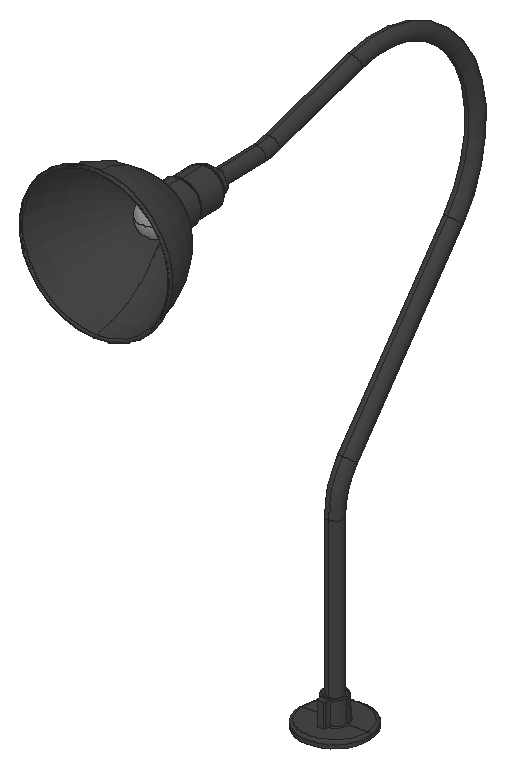
Revit family "BLE-G-DBW-G2-E26", category Lighting Fixtures, host Face, Revit 2022
Family settings
  Host = Face
  Round Connector Dimension = Use Diameter
  Part Type = Normal
  Cut with Voids When Loaded = No
  Light Source = Yes
  Maintain Annotation Orientation = No
  Shared = No
  Room Calculation Point = No
Parameters (values of type "10"")
  Wattage = 5.72229 W
  built-in parameter 1150110 = 1 (stored number, unit not read)
  built-in parameter 1114217 = 1 (stored number, unit not read)
  Tilt Angle = 0.00°
  built-in parameter 1150109 = 1 (stored number, unit not read)
  built-in parameter 1150134 = (empty or 0)
  built-in parameter 1150113 = 1 (stored number, unit not read)
  Gooseneck Material = 100 - Black
  Shade Material = 100 - Black
  Photometric Web File = "generic"
  built-in parameter 1150142 = (empty or 0)
  built-in parameter 1150105 = 67.641 (stored number, unit not read)
  Lumens = 850 lm
  built-in parameter 1150115 = 1 (stored number, unit not read)
  built-in parameter 1150137 = (empty or 0)
  built-in parameter 1150139 = (empty or 0)
  built-in parameter 1150112 = 1 (stored number, unit not read)
  built-in parameter 1150114 = 1 (stored number, unit not read)
  built-in parameter 1150132 = 2
  built-in parameter 1150102 = (empty or 0)
  built-in parameter 1150107 = 3000 (stored number, unit not read)
  built-in parameter 1150138 = (empty or 0)
  built-in parameter 1150106 = 0.67641 (stored number, unit not read)
  24" = no
  built-in parameter 1150104 = 13.8 (stored number, unit not read)
  20" = no
  Dimming Lamp Color Temperature Shift = <None>
  Default Elevation = 4' - 0"
  Color Filter = 16777215
  Base Material = 100 - Black
  built-in parameter 1114218 = 1 (stored number, unit not read)
  built-in parameter 1150133 = 10 (stored number, unit not read)
  16" = no
  14" = no
  12" = no
  10" = yes
Types (7): name | 24" | 20" | 16" | 14" | 12" | 10"
  (no name) | no | no | no | no | no | yes
  12" | no | no | no | no | yes | no
  14" | no | no | no | yes | no | no
  16" | no | no | yes | no | no | no
  10" | no | no | no | no | no | yes
  20" | no | yes | no | no | no | no
  24" | yes | no | no | no | no | no
Reference planes (in)
  plane 1 "Center (Front/Back)": y = 0
  plane 2: z = 0
  plane 3 "Center (Left/Right)": x = 0
Lines and regions (in)
  reference lines
    curve 1: line (0, 32, 0) -> (0, -36, 0)
    curve 2: line (-33.11947, 0, 0) -> (37.88053, 0, 0)
Dimensions and locks (in)
  locked: plane 1 "Center (Front/Back)" to imposter light at 14.75
  aligned and locked: plane 2 to host face
  aligned and locked: level to host face
  aligned and locked: plane 3 "Center (Left/Right)" to nested 1
  aligned and locked: plane 1 "Center (Front/Back)" to nested 1
  aligned and locked: nested 4 to imposter light
  aligned and locked: imposter light to nested 6  (x2)
  aligned and locked: nested 7 to nested 3
  aligned and locked: imposter light to plane 3 "Center (Left/Right)"
  aligned and locked: plane 1 "Center (Front/Back)" to nested 2
  aligned and locked: imposter light to nested 7
  aligned and locked: nested 3 to plane 3 "Center (Left/Right)"
  aligned and locked: nested 3 to nested 5
  aligned and locked: imposter light to nested 2
Nested families (in)
  nested 1: "WBP-7501" at (0, 0, 0), type "WBP-7501"
  nested 2: "G2" at (0, 0, 1.975), type "GNK-5011"
  nested 3: "DBW Shade" at (0, -10.6684, 36.53884) x (0, 0, -1) z (0, -1, 0), type "VDBW Shade"
    with 24" no, 20" no, 16" no, 14" no, 12" no
  nested 4: "103264" at (0, -3.60156, 36.53884) x (0, 0, -1) z (0, -1, 0), type "103264"
    with Heat Sink 9" no
  nested 5: "CPL-0004" at (0, -10.01822, 36.53884) x (1, 0, 0) z (0, -1, 0), type "CPL-0004"
  nested 6: "E26 Socket Assy" at (0, -10.70746, 36.53884) x (0, 0, -1) z (0, -1, 0), type "E26 Socket Assy"
  nested 7: "E26 Bulb" at (0, -12.96244, 36.53884) x (1, 0, 0) z (0, -1, 0), type "E26 Bulb"
Connectors (in)
  electrical at (0, 0, 0)
    settings: index 1, voltage 0 V, apparent load 0 VA, apparent load phase1 0 VA, apparent load phase2 0 VA, apparent load phase3 0 VA, power factor 1, load classification "Other", number of poles 1, system type 31, power factor state 1, is connector primary yes, connector utility no, sub classification motor no, connector description ""
Definition of nested family "WBP-7501"
  Parameters (values of type "WBP-7501")
    Default Elevation = 3' - 0"
    Base Material = none
  Reference planes (in)
    plane 1 "Center (Front/Back)": y = 0
    plane 2: z = 0
    plane 3 "Center (Left/Right)": x = 0
    plane 4 "Base Dia": x = -2.325
    plane 5 "Base Height": z = 0.4
    plane 6 "Fillet Radius": z = 0.225
    plane 7: z = 0.458
    plane 8: x = -0.87
    plane 9: x = -0.81
    plane 10: x = -0.76
    plane 11: z = 1.917
    plane 12: z = 1.975
    plane 13: x = -0.7
    plane 14: x = -0.2595
    plane 15: x = 0.2595
    plane 16: y = -1.135
  Forms (in)
    Extrusion 1, solid
      sketch origin (0, 0, 0) x (1, 0, 0) y (0, 1, 0)
        loop
          line (-48, 48) -> (-48, -48) -> (48, -48) -> (48, 48) -> (-48, 48)
      from 0 to -12
    Revolve 2, solid, material <- "Base Material"
      sketch origin (0, 0, 0) x (1, 0, 0) y (0, 0, 1)
        loop
          line (0, 0) -> (0, 1.975) -> (-0.7, 1.975)
          arc (-0.7, 1.975) -> (-0.74172, 1.95814) -> (-0.76, 1.91702) r 0.06003
          line (-0.76, 1.91702) -> (-0.81, 0.458)
          arc (-0.81, 0.458) -> (-0.82699, 0.41699) -> (-0.868, 0.4) r 0.058
          line (-0.868, 0.4) -> (-2.15, 0.4)
          arc (-2.15, 0.4) -> (-2.27374, 0.34874) -> (-2.325, 0.225) r 0.175
          line (-2.325, 0.225) -> (-2.325, 0) -> (0, 0)
        axis (0, 0) -> (0, 1.975)
      angle from 0 to 360
    Extrusion 3, solid, material <- "Base Material"
      sketch origin (0, 0, 0) x (1, 0, 0) y (0, 1, 0)
        loop
          line (-0.2595, -0.76731) -> (-0.2595, -1.075)
          arc (-0.2595, -1.075) -> (-0.24193, -1.11743) -> (-0.1995, -1.135) r 0.06
          line (-0.1995, -1.135) -> (0.1995, -1.135)
          arc (0.1995, -1.135) -> (0.24193, -1.11743) -> (0.2595, -1.075) r 0.06
          line (0.2595, -1.075) -> (0.2595, -0.76731)
          arc (0.2595, -0.76731) -> (0, -0.81) -> (-0.2595, -0.76731) r 0.81
      from 0 to 1.975
  Cuts and joins
    joined: Revolve 2, Extrusion 3
  Dimensions and locks (in)
    plane 4 "Base Dia" to plane 3 "Center (Left/Right)" = 0' - 2.325"
    locked: plane 5 "Base Height" to Extrusion 1 at 0.4
    locked: plane 3 "Center (Left/Right)" to plane 4 "Base Dia" at 2.325
    locked: plane 5 "Base Height" to plane 6 "Fillet Radius" at 0.175
    locked: plane 3 "Center (Left/Right)" to plane 9 at 0.81
    locked: plane 3 "Center (Left/Right)" to plane 8 at 0.87
    locked: plane 3 "Center (Left/Right)" to plane 10 at 0.76
    locked: plane 3 "Center (Left/Right)" to plane 13 at 0.7
    locked: plane 11 to plane 5 "Base Height" at 1.517
    locked: plane 12 to plane 5 "Base Height" at 1.575
    locked: plane 7 to plane 5 "Base Height" at 0.058
    locked: plane 14 to plane 3 "Center (Left/Right)" at 0.2595
    locked: plane 3 "Center (Left/Right)" to plane 15 at 0.2595
    locked: plane 16 to plane 1 "Center (Front/Back)" at 1.135
    radius of Revolve 2 sketch curve = 0' - 0.175"
    aligned and locked: plane 2 to Extrusion 1
    aligned and locked: level to Extrusion 1
    aligned and locked: Revolve 2 sketch curve to plane 5 "Base Height"
    aligned and locked: plane 9 to Revolve 2 sketch curve
    aligned and locked: plane 3 "Center (Left/Right)" to Revolve 2 sketch curve
    aligned and locked: plane 15 to Extrusion 3 sketch curve
    aligned and locked: Extrusion 3 sketch curve to plane 16
    aligned and locked: Extrusion 3 sketch curve to plane 14
  Automatic sketch dimensions
    Extrusion 1 sketch curve to Extrusion 1 sketch curve = 8' - 0"  (x2)
    Revolve 2 sketch curve to level = 0' - 0"
    Revolve 2 sketch curve to plane 4 "Base Dia" = 0' - 0"
    Revolve 2 sketch curve to plane 7 = 0' - 0"  (x2)
    plane 10 to Revolve 2 sketch curve = 0' - 0"
    Revolve 2 sketch curve to plane 12 = 0' - 0"
    Revolve 2 sketch curve to plane 13 = 0' - 0"
    Revolve 2 sketch curve to plane 3 "Center (Left/Right)" = 0' - 0"
    Revolve 2 sketch curve to Revolve 2 sketch curve = 0' - 0.22742"
    Revolve 2 sketch curve to Revolve 2 sketch curve = 0' - 1.76377"
    plane 1 "Center (Front/Back)" to Extrusion 3 sketch curve = 0' - 0"
    Extrusion 3 sketch curve to plane 3 "Center (Left/Right)" = 0' - 0"
    plane 14 to Extrusion 3 sketch curve = 0' - 0.06"
    Extrusion 3 sketch curve to plane 15 = 0' - 0.06"
    Extrusion 3 sketch curve to Extrusion 3 sketch curve = 0' - 0.30769"
Definition of nested family "G2"
  Parameters (values of type "G2")
    Gooseneck Material = none
    Default Elevation = 2' - 0"
  Types (2): name
    G2
    G1
  Reference planes (in)
    plane 1 "Center (Front/Back)": y = 0
    plane 2: z = 0
    plane 3 "Center (Left/Right)": x = 0
    plane 4 "Wood Height": z = 0
    plane 5: z = 34.56384
  Forms (in)
    Extrusion 1, solid
      sketch origin (0, 0, 0) x (1, 0, 0) y (0, 1, 0)
        loop
          line (-48, 48) -> (-48, -48) -> (48, -48) -> (48, 48) -> (-48, 48)
      from 0 to -12
    Sweep 2, solid, material <- "Gooseneck Material"
      path origin (0, 0, 0) x (0, 1, 0) y (0, 0, 1)
        loop
          line (0, -0.0015) -> (0, 10.43002)
          arc (0, 10.43002) -> (0.27056, 11.96443) -> (1.0496, 13.31376) r 4.4863
          line (1.0496, 13.31376) -> (9.73039, 23.65912)
          arc (9.73039, 23.65912) -> (10.34916, 33.09982) -> (1.53148, 36.52883) r 8
          line (1.53148, 36.52883) -> (-5.23817, 34.71491)
          arc (-5.23817, 34.71491) -> (-5.80697, 34.60177) -> (-6.38567, 34.56384) r 4.4336
          line (-6.38567, 34.56384) -> (-10.01822, 34.56384)
      profile origin (0, 0, 5.21426) x (0, -1, 0) y (1, 0, 0)
        loop
          circle (0, 0) r 0.52676
  Dimensions and locks (in)
    aligned and locked: plane 2 to Extrusion 1
    aligned and locked: level to Extrusion 1
    aligned and locked: Extrusion 1 to plane 4 "Wood Height"
  Automatic sketch dimensions
    Extrusion 1 sketch curve to Extrusion 1 sketch curve = 8' - 0"  (x2)
    Sweep 2 sketch curve to plane 1 "Center (Front/Back)" = 0' - 0"
    plane 1 "Center (Front/Back)" to Sweep 2 sketch curve = 0' - 5.23817"
    Sweep 2 sketch curve to Sweep 2 sketch curve = 0' - 1.1475"
    Sweep 2 sketch curve to plane 1 "Center (Front/Back)" = 0' - 1.0496"
    Sweep 2 sketch curve to plane 1 "Center (Front/Back)" = 0' - 1.53148"
    Sweep 2 sketch curve to plane 1 "Center (Front/Back)" = 0' - 3.60203"
    Sweep 2 sketch curve to Sweep 2 sketch curve = 0' - 6.12836"
    level to Sweep 2 sketch curve = 0' - 10.43002"
    Sweep 2 sketch curve to Sweep 2 sketch curve = 0' - 3.63255"
    Sweep 2 sketch curve to level = 0' - 0.0015"
    Sweep 2 sketch curve to Sweep 2 sketch curve = 0' - 2.88374"
    Sweep 2 sketch curve to plane 3 "Center (Left/Right)" = 0' - 0"
    Sweep 2 sketch curve to profile plane = 0' - 0"
    radius of Sweep 2 sketch curve = 0' - 0.52676"
Definition of nested family "DBW Shade"
  Parameters (values of type "DBW Shade")
    Shade Material = none
    Default Elevation = 2' - 0"
    24" = yes
    20" = yes
    10" = yes
    16" = yes
    14" = yes
    12" = yes
  Reference planes (in)
    plane 1 "Center (Front/Back)": y = 0
    plane 2: z = 0
    plane 3 "Center (Left/Right)": x = 0
  Forms (in)
    Extrusion 1, solid
      sketch origin (0, 0, 0) x (1, 0, 0) y (0, 1, 0)
        loop
          line (-48, 48) -> (-48, -48) -> (48, -48) -> (48, 48) -> (-48, 48)
      from 0 to -12
  Dimensions and locks (in)
    aligned and locked: plane 2 to Extrusion 1
    aligned and locked: level to Extrusion 1
    aligned and locked: plane 1 "Center (Front/Back)" to nested 1
    aligned and locked: plane 3 "Center (Left/Right)" to nested 1
    aligned and locked: plane 3 "Center (Left/Right)" to nested 2
    aligned and locked: plane 1 "Center (Front/Back)" to nested 2
    aligned and locked: plane 1 "Center (Front/Back)" to nested 3
    aligned and locked: plane 3 "Center (Left/Right)" to nested 3
    aligned and locked: plane 1 "Center (Front/Back)" to nested 4
    aligned and locked: plane 1 "Center (Front/Back)" to nested 5
    aligned and locked: plane 3 "Center (Left/Right)" to nested 5
    aligned and locked: plane 3 "Center (Left/Right)" to nested 6
    aligned and locked: plane 1 "Center (Front/Back)" to nested 6
    aligned and locked: plane 3 "Center (Left/Right)" to nested 4
  Nested families (in)
    nested 1: "SHD-0028" at (0, 0, 0), visible <- "10"", type "SHD-0028"
    nested 2: "SHD-0029" at (0, 0, 0), visible <- "12"", type "SHD-0029"
    nested 3: "SHD-0114" at (0, 0, 0), visible <- "14"", type "SHD-0114"
    nested 4: "SHD-0115" at (0, 0, 0), visible <- "16"", type "SHD-0115"
    nested 5: "SHD-0308" at (0, 0, 0), visible <- "24"", type "SHD-0308"
    nested 6: "SHD-0223" at (0, 0, 0), visible <- "20"", type "SHD-0223"
  Definition of nested family "SHD-0028"
    Parameters (values of type "SHD-0028")
      Shade Material = none
      Default Elevation = 2' - 0"
    Reference planes (in)
      plane 1 "Center (Front/Back)": y = 0
      plane 2: z = 0
      plane 3 "Center (Left/Right)": x = 0
      plane 4 "Wood Height": z = 0
      plane 5 "Nut Radius": x = -1.03713
      plane 6 "Nut Flat": x = -0.861
      plane 7 "Shade Thickness": z = 0.04
      plane 8 "Lower Shade bottom": z = 9.109
      plane 9 "Lower Shade Outer Dia": x = -5
      plane 10 "Shade Top Dia": x = -1.20713
      plane 11 "Shade Middle Radius Height1": z = 1.965
      plane 12 "Shade Lower Diameter1": x = -1.44113
      plane 13 "Shade Top Radius": x = -1.29713
      plane 14 "Shade Middle Radious Height2": z = 2.105
      plane 15 "Shade Middle Radius Diameter2": x = -1.41363
      plane 16 "Lip Height": z = 9.029
      plane 17 "Bowl Start": z = 3.545
      plane 18: x = -4.85
      plane 19: z = 9.069
    Forms (in)
      Extrusion 1, solid
        sketch origin (0, 0, 0) x (1, 0, 0) y (0, 1, 0)
          loop
            line (-48, 48) -> (-48, -48) -> (48, -48) -> (48, 48) -> (-48, 48)
        from 0 to -12
      Revolve 2, solid, material <- "Shade Material"
        sketch origin (0, 0, 0) x (1, 0, 0) y (0, 0, 1)
          loop
            line (0, 0) -> (0, 0.03906) -> (-1.20713, 0.03906)
            arc (-1.20713, 0.03906) -> (-1.24314, 0.05398) -> (-1.25806, 0.09) r 0.05094
            line (-1.25806, 0.09) -> (-1.25806, 1.94384)
            arc (-1.25806, 1.94384) -> (-1.26409, 1.97759) -> (-1.28141, 2.00717) r 0.09757
            line (-1.28141, 2.00717) -> (-1.37456, 2.11635) -> (-1.37456, 3.48096)
            arc (-1.37456, 3.48096) -> (-1.39014, 3.54099) -> (-1.43295, 3.58588) r 0.12347
            arc (-1.43295, 3.58588) -> (-3.7536, 5.90437) -> (-4.80544, 9.01154) r 7.20294
            arc (-4.80544, 9.01154) -> (-4.99326, 9.04214) -> (-4.84504, 8.9228) r 0.09841
            line (-4.84504, 8.9228) -> (-4.86619, 8.95581)
            arc (-4.86619, 8.95581) -> (-4.95809, 9.02506) -> (-4.84432, 9.00777) r 0.05934
            arc (-4.84432, 9.00777) -> (-3.78678, 5.88375) -> (-1.45354, 3.55268) r 7.242
            arc (-1.45354, 3.55268) -> (-1.42428, 3.522) -> (-1.41363, 3.48096) r 0.0844
            line (-1.41363, 3.48096) -> (-1.41363, 2.13147)
            arc (-1.41363, 2.13147) -> (-1.40868, 2.10377) -> (-1.39446, 2.07949) r 0.08009
            line (-1.39446, 2.07949) -> (-1.31112, 1.98181)
            arc (-1.31112, 1.98181) -> (-1.30074, 1.96408) -> (-1.29713, 1.94384) r 0.0585
            line (-1.29713, 1.94384) -> (-1.29713, 0.09)
            arc (-1.29713, 0.09) -> (-1.27077, 0.02636) -> (-1.20713, 0) r 0.09
            line (-1.20713, 0) -> (0, 0)
          axis (0, 9.01154) -> (0, 0)
        angle from 0 to 360
    Dimensions and locks (in)
      locked: plane 6 "Nut Flat" to plane 3 "Center (Left/Right)" at 0.861
      locked: plane 7 "Shade Thickness" to plane 4 "Wood Height" at 0.04
      locked: plane 3 "Center (Left/Right)" to plane 9 "Lower Shade Outer Dia" at 5
      locked: plane 11 "Shade Middle Radius Height1" to plane 4 "Wood Height" at 1.965
      locked: plane 14 "Shade Middle Radious Height2" to plane 4 "Wood Height" at 2.105
      locked: plane 8 "Lower Shade bottom" to plane 16 "Lip Height" at 0.08
      locked: plane 17 "Bowl Start" to plane 4 "Wood Height" at 3.545
      locked: plane 18 to plane 9 "Lower Shade Outer Dia" at 0.15
      locked: plane 8 "Lower Shade bottom" to plane 19 at 0.04
      locked: plane 8 "Lower Shade bottom" to plane 4 "Wood Height" at 9.109
      aligned and locked: plane 2 to Extrusion 1
      aligned and locked: level to Extrusion 1
      aligned and locked: plane 4 "Wood Height" to Revolve 2 sketch curve
      aligned and locked: plane 10 "Shade Top Dia" to Revolve 2 sketch curve
      aligned and locked: Revolve 2 sketch curve to plane 15 "Shade Middle Radius Diameter2"
      aligned and locked: Revolve 2 sketch curve to plane 13 "Shade Top Radius"
      aligned and locked: Extrusion 1 to plane 4 "Wood Height"
    Automatic sketch dimensions
      Extrusion 1 sketch curve to Extrusion 1 sketch curve = 8' - 0"  (x2)
      Revolve 2 sketch curve to Revolve 2 sketch curve = 0' - 0"  (x12)
      Revolve 2 sketch curve to plane 3 "Center (Left/Right)" = 0' - 0"  (x2)
      plane 18 to Revolve 2 sketch curve = 0' - 0.00496"
      Revolve 2 sketch curve to plane 18 = 0' - 0.01619"
      plane 15 "Shade Middle Radius Diameter2" to Revolve 2 sketch curve = 0' - 0.01916"
      plane 14 "Shade Middle Radious Height2" to Revolve 2 sketch curve = 0' - 0.01135"
      plane 15 "Shade Middle Radius Diameter2" to Revolve 2 sketch curve = 0' - 0 5/128"
      Revolve 2 sketch curve to plane 11 "Shade Middle Radius Height1" = 0' - 0.02116"
      plane 15 "Shade Middle Radius Diameter2" to Revolve 2 sketch curve = 0' - 0.058"
      plane 14 "Shade Middle Radious Height2" to Revolve 2 sketch curve = 0' - 0.02647"
      Revolve 2 sketch curve to plane 13 "Shade Top Radius" = 0' - 0.01572"
      Revolve 2 sketch curve to Revolve 2 sketch curve = 0' - 0 5/128"
      Revolve 2 sketch curve to plane 17 "Bowl Start" = 0' - 0.06404"
      plane 18 to Revolve 2 sketch curve = 0' - 0.00568"
      plane 17 "Bowl Start" to Revolve 2 sketch curve = 0' - 0.15101"
      Revolve 2 sketch curve to Revolve 2 sketch curve = 0' - 2.15863"
      Revolve 2 sketch curve to plane 12 "Shade Lower Diameter1" = 0' - 0.00818"
      Revolve 2 sketch curve to Revolve 2 sketch curve = 0' - 0.03888"  (x2)
      Revolve 2 sketch curve to Revolve 2 sketch curve = 0' - 0.03301"
      Revolve 2 sketch curve to Revolve 2 sketch curve = 0' - 0.02059"
      Revolve 2 sketch curve to Revolve 2 sketch curve = 0' - 0.03319"
  Definition of nested family "SHD-0029"
    Parameters (values of type "SHD-0029")
      Shade Material = none
      Default Elevation = 2' - 0"
    Reference planes (in)
      plane 1 "Center (Front/Back)": y = 0
      plane 2: z = 0
      plane 3 "Center (Left/Right)": x = 0
      plane 4 "Wood Height": z = 0
      plane 5 "Nut Radius": x = -1.03713
      plane 6 "Nut Flat": x = -0.861
      plane 7 "Shade Thickness": z = 0.04
      plane 8 "Shade Top Dia": x = -1.20713
      plane 9 "Shade Middle Radius Height1": z = 1.965
      plane 10 "Shade Lower Diameter1": x = -1.44113
      plane 11 "Shade Top Radius": x = -1.29713
      plane 12 "Shade Middle Radious Height2": z = 2.105
      plane 13 "Shade Middle Radius Diameter2": x = -1.41363
      plane 14 "Bowl Start": z = 3.545
    Forms (in)
      Extrusion 1, solid
        sketch origin (0, 0, 0) x (1, 0, 0) y (0, 1, 0)
          loop
            line (-48, 48) -> (-48, -48) -> (48, -48) -> (48, 48) -> (-48, 48)
        from 0 to -12
      Revolve 2, solid, material <- "Shade Material"
        sketch origin (0, 0, 0) x (1, 0, 0) y (0, 0, 1)
          loop
            line (0, 0) -> (0, 0.03906) -> (-1.20713, 0.03906)
            arc (-1.20713, 0.03906) -> (-1.24314, 0.05398) -> (-1.25806, 0.09) r 0.05094
            line (-1.25806, 0.09) -> (-1.25806, 1.94384)
            arc (-1.25806, 1.94384) -> (-1.26409, 1.97759) -> (-1.28141, 2.00717) r 0.09757
            line (-1.28141, 2.00717) -> (-1.37456, 2.11635) -> (-1.37456, 3.49488)
            arc (-1.37456, 3.49488) -> (-1.3856, 3.54027) -> (-1.41623, 3.57553) r 0.09889
            arc (-1.41623, 3.57553) -> (-4.2546, 6.22323) -> (-5.80711, 9.7808) r 9.56481
            arc (-5.80711, 9.7808) -> (-5.99536, 9.79563) -> (-5.84506, 9.68132) r 0.09841
            line (-5.84506, 9.68132) -> (-5.86621, 9.71432)
            arc (-5.86621, 9.71432) -> (-5.9593, 9.78052) -> (-5.84534, 9.77276) r 0.05934
            arc (-5.84534, 9.77276) -> (-4.28694, 6.2013) -> (-1.43786, 3.54296) r 9.60387
            arc (-1.43786, 3.54296) -> (-1.42003, 3.5218) -> (-1.41363, 3.49488) r 0.05982
            line (-1.41363, 3.49488) -> (-1.41363, 2.13147)
            arc (-1.41363, 2.13147) -> (-1.40868, 2.10377) -> (-1.39446, 2.07949) r 0.08009
            line (-1.39446, 2.07949) -> (-1.31112, 1.98181)
            arc (-1.31112, 1.98181) -> (-1.30074, 1.96408) -> (-1.29713, 1.94384) r 0.0585
            line (-1.29713, 1.94384) -> (-1.29713, 0.09)
            arc (-1.29713, 0.09) -> (-1.27077, 0.02636) -> (-1.20713, 0) r 0.09
            line (-1.20713, 0) -> (0, 0)
          axis (0, 9.7808) -> (0, 0)
        angle from 0 to 360
    Dimensions and locks (in)
      locked: plane 6 "Nut Flat" to plane 3 "Center (Left/Right)" at 0.861
      locked: plane 7 "Shade Thickness" to plane 4 "Wood Height" at 0.04
      locked: plane 9 "Shade Middle Radius Height1" to plane 4 "Wood Height" at 1.965
      locked: plane 12 "Shade Middle Radious Height2" to plane 4 "Wood Height" at 2.105
      locked: plane 14 "Bowl Start" to plane 4 "Wood Height" at 3.545
      aligned and locked: plane 2 to Extrusion 1
      aligned and locked: level to Extrusion 1
      aligned and locked: plane 4 "Wood Height" to Revolve 2 sketch curve
      aligned and locked: plane 8 "Shade Top Dia" to Revolve 2 sketch curve
      aligned and locked: Revolve 2 sketch curve to plane 13 "Shade Middle Radius Diameter2"
      aligned and locked: Revolve 2 sketch curve to plane 11 "Shade Top Radius"
      aligned and locked: Extrusion 1 to plane 4 "Wood Height"
    Automatic sketch dimensions
      Extrusion 1 sketch curve to Extrusion 1 sketch curve = 8' - 0"  (x2)
      Revolve 2 sketch curve to Revolve 2 sketch curve = 0' - 0"  (x15)
      Revolve 2 sketch curve to plane 3 "Center (Left/Right)" = 0' - 0"  (x2)
      plane 10 "Shade Lower Diameter1" to Revolve 2 sketch curve = 0' - 0.03232"
      Revolve 2 sketch curve to Revolve 2 sketch curve = 0' - 0.02115"
      Revolve 2 sketch curve to Revolve 2 sketch curve = 0' - 0.0372"
      plane 13 "Shade Middle Radius Diameter2" to Revolve 2 sketch curve = 0' - 0.01916"
      plane 12 "Shade Middle Radious Height2" to Revolve 2 sketch curve = 0' - 0.01135"
      plane 13 "Shade Middle Radius Diameter2" to Revolve 2 sketch curve = 0' - 0 5/128"
      Revolve 2 sketch curve to plane 9 "Shade Middle Radius Height1" = 0' - 0.02116"
      plane 13 "Shade Middle Radius Diameter2" to Revolve 2 sketch curve = 0' - 0.058"
      plane 12 "Shade Middle Radious Height2" to Revolve 2 sketch curve = 0' - 0.02647"
      Revolve 2 sketch curve to plane 11 "Shade Top Radius" = 0' - 0.01572"
      Revolve 2 sketch curve to Revolve 2 sketch curve = 0' - 0 5/128"
      Revolve 2 sketch curve to plane 14 "Bowl Start" = 0' - 0.05012"
      Revolve 2 sketch curve to Revolve 2 sketch curve = 0' - 0.03301"
      Revolve 2 sketch curve to Revolve 2 sketch curve = 0' - 0.04623"
      Revolve 2 sketch curve to plane 13 "Shade Middle Radius Diameter2" = 0' - 0.00261"
      Revolve 2 sketch curve to plane 14 "Bowl Start" = 0' - 0.00204"
      plane 14 "Bowl Start" to Revolve 2 sketch curve = 0' - 0.15101"
      Revolve 2 sketch curve to Revolve 2 sketch curve = 0' - 2.15863"
      plane 10 "Shade Lower Diameter1" to Revolve 2 sketch curve = 0' - 4.40394"
      plane 3 "Center (Left/Right)" to Revolve 2 sketch curve = 0' - 3.5532"
      plane 14 "Bowl Start" to Revolve 2 sketch curve = 0' - 6.13632"
  Definition of nested family "SHD-0114"
    Parameters (values of type "SHD-0114")
      Shade Material = none
      Default Elevation = 2' - 0"
    Reference planes (in)
      plane 1 "Center (Front/Back)": y = 0
      plane 2: z = 0
      plane 3 "Center (Left/Right)": x = 0
      plane 4 "Wood Height": z = 0
    Forms (in)
      Extrusion 1, solid
        sketch origin (0, 0, 0) x (1, 0, 0) y (0, 1, 0)
          loop
            line (-48, 48) -> (-48, -48) -> (48, -48) -> (48, 48) -> (-48, 48)
        from 0 to -12
      Revolve 2, solid, material <- "Shade Material"
        sketch origin (0, 0, 0) x (1, 0, 0) y (0, 0, 1)
          loop
            line (0, 0) -> (0, 0.03906) -> (-1.45545, 0.03906)
            arc (-1.45545, 0.03906) -> (-1.49164, 0.05405) -> (-1.50663, 0.09025) r 0.05119
            line (-1.50663, 0.09025) -> (-1.50663, 2.07228)
            arc (-1.50663, 2.07228) -> (-1.51325, 2.1034) -> (-1.53194, 2.12913) r 0.0765
            line (-1.53194, 2.12913) -> (-1.59895, 2.18946)
            arc (-1.59895, 2.18946) -> (-1.61737, 2.21483) -> (-1.62389, 2.24549) r 0.07539
            line (-1.62389, 2.24549) -> (-1.62389, 3.76049)
            arc (-1.62389, 3.76049) -> (-1.63985, 3.81863) -> (-1.68326, 3.86047) r 0.11386
            arc (-1.68326, 3.86047) -> (-5.12462, 6.95788) -> (-6.79993, 11.27416) r 9.99002
            arc (-6.79993, 11.27416) -> (-6.99505, 11.29998) -> (-6.84047, 11.17815) r 0.10205
            line (-6.84047, 11.17815) -> (-6.86365, 11.20959)
            arc (-6.86365, 11.20959) -> (-6.95906, 11.28479) -> (-6.83863, 11.26885) r 0.06299
            arc (-6.83863, 11.26885) -> (-5.15677, 6.93569) -> (-1.70196, 3.82617) r 10.02909
            arc (-1.70196, 3.82617) -> (-1.67344, 3.79868) -> (-1.66295, 3.76049) r 0.07479
            line (-1.66295, 3.76049) -> (-1.66295, 2.24549)
            arc (-1.66295, 2.24549) -> (-1.65306, 2.19894) -> (-1.62508, 2.16043) r 0.11445
            line (-1.62508, 2.16043) -> (-1.55808, 2.1001)
            arc (-1.55808, 2.1001) -> (-1.54893, 2.08751) -> (-1.54569, 2.07228) r 0.03743
            line (-1.54569, 2.07228) -> (-1.54569, 0.09025)
            arc (-1.54569, 0.09025) -> (-1.51926, 0.02643) -> (-1.45545, 0) r 0.09025
            line (-1.45545, 0) -> (0, 0)
          axis (0, 11.27416) -> (0, 0)
        angle from 0 to 360
    Dimensions and locks (in)
      aligned and locked: plane 2 to Extrusion 1
      aligned and locked: level to Extrusion 1
      aligned and locked: Extrusion 1 to plane 4 "Wood Height"
    Automatic sketch dimensions
      Extrusion 1 sketch curve to Extrusion 1 sketch curve = 8' - 0"  (x2)
      Revolve 2 sketch curve to Revolve 2 sketch curve = 0' - 0"  (x25)
      Revolve 2 sketch curve to level = 0' - 0"
      Revolve 2 sketch curve to plane 3 "Center (Left/Right)" = 0' - 0"  (x2)
      Revolve 2 sketch curve to Revolve 2 sketch curve = 0' - 0.01239"
      Revolve 2 sketch curve to Revolve 2 sketch curve = 0' - 0.07479"
      Revolve 2 sketch curve to Revolve 2 sketch curve = 0' - 0.02318"
      Revolve 2 sketch curve to Revolve 2 sketch curve = 0' - 0.03738"
      Revolve 2 sketch curve to Revolve 2 sketch curve = 0' - 0.03144"
      Revolve 2 sketch curve to Revolve 2 sketch curve = 0' - 0.0507"
      Revolve 2 sketch curve to Revolve 2 sketch curve = 0' - 0.01869"  (x2)
      Revolve 2 sketch curve to Revolve 2 sketch curve = 0' - 2.15863"
      plane 3 "Center (Left/Right)" to Revolve 2 sketch curve = 0' - 3.09734"
      Revolve 2 sketch curve to Revolve 2 sketch curve = 0' - 0.02614"
      Revolve 2 sketch curve to Revolve 2 sketch curve = 0' - 0 5/128"  (x2)
      Revolve 2 sketch curve to Revolve 2 sketch curve = 0' - 1.45545"
      Revolve 2 sketch curve to Revolve 2 sketch curve = 0' - 0.05119"
      Revolve 2 sketch curve to Revolve 2 sketch curve = 0' - 0.02531"
      Revolve 2 sketch curve to Revolve 2 sketch curve = 0' - 0.01656"
      Revolve 2 sketch curve to Revolve 2 sketch curve = 0' - 0.02505"
      Revolve 2 sketch curve to Revolve 2 sketch curve = 0' - 0.05045"
      Revolve 2 sketch curve to plane 3 "Center (Left/Right)" = 0' - 6.84047"
      Revolve 2 sketch curve to Revolve 2 sketch curve = 0' - 1.98204"
      Revolve 2 sketch curve to Revolve 2 sketch curve = 0' - 1.515"
      Revolve 2 sketch curve to Revolve 2 sketch curve = 0' - 7.41765"
      Revolve 2 sketch curve to Revolve 2 sketch curve = 0' - 0.06448"
  Definition of nested family "SHD-0115"
    Parameters (values of type "SHD-0115")
      Shade Material = none
      Default Elevation = 2' - 0"
    Reference planes (in)
      plane 1 "Center (Front/Back)": y = 0
      plane 2: z = 0
      plane 3 "Center (Left/Right)": x = 0
      plane 4 "Wood Height": z = 0
    Forms (in)
      Extrusion 1, solid
        sketch origin (0, 0, 0) x (1, 0, 0) y (0, 1, 0)
          loop
            line (-48, 48) -> (-48, -48) -> (48, -48) -> (48, 48) -> (-48, 48)
        from 0 to -12
      Revolve 2, solid, material <- "Shade Material"
        sketch origin (0, 0, 0) x (1, 0, 0) y (0, 0, 1)
          loop
            line (0, 0) -> (0, 0.03906) -> (-1.45545, 0.03906)
            arc (-1.45545, 0.03906) -> (-1.49164, 0.05405) -> (-1.50663, 0.09025) r 0.05119
            line (-1.50663, 0.09025) -> (-1.50663, 2.07228)
            arc (-1.50663, 2.07228) -> (-1.51325, 2.1034) -> (-1.53194, 2.12913) r 0.0765
            line (-1.53194, 2.12913) -> (-1.59895, 2.18946)
            arc (-1.59895, 2.18946) -> (-1.61737, 2.21483) -> (-1.62389, 2.24549) r 0.07539
            line (-1.62389, 2.24549) -> (-1.62389, 3.76049)
            arc (-1.62389, 3.76049) -> (-1.64115, 3.82076) -> (-1.6877, 3.86276) r 0.11386
            arc (-1.6877, 3.86276) -> (-5.9143, 7.51176) -> (-7.79992, 12.76759) r 10.98102
            arc (-7.79992, 12.76759) -> (-7.99459, 12.80067) -> (-7.84102, 12.67655) r 0.10205
            line (-7.84102, 12.67655) -> (-7.8642, 12.70799)
            arc (-7.8642, 12.70799) -> (-7.95899, 12.7846) -> (-7.83883, 12.76418) r 0.06299
            arc (-7.83883, 12.76418) -> (-5.94651, 7.48965) -> (-1.70487, 3.82767) r 11.02008
            arc (-1.70487, 3.82767) -> (-1.67429, 3.80009) -> (-1.66295, 3.76049) r 0.07479
            line (-1.66295, 3.76049) -> (-1.66295, 2.24549)
            arc (-1.66295, 2.24549) -> (-1.65306, 2.19894) -> (-1.62508, 2.16043) r 0.11445
            line (-1.62508, 2.16043) -> (-1.55808, 2.1001)
            arc (-1.55808, 2.1001) -> (-1.54893, 2.08751) -> (-1.54569, 2.07228) r 0.03743
            line (-1.54569, 2.07228) -> (-1.54569, 0.09025)
            arc (-1.54569, 0.09025) -> (-1.51926, 0.02643) -> (-1.45545, 0) r 0.09025
            line (-1.45545, 0) -> (0, 0)
          axis (0, 12.76759) -> (0, 0)
        angle from 0 to 360
    Dimensions and locks (in)
      aligned and locked: plane 2 to Extrusion 1
      aligned and locked: level to Extrusion 1
      aligned and locked: Extrusion 1 to plane 4 "Wood Height"
    Automatic sketch dimensions
      Extrusion 1 sketch curve to Extrusion 1 sketch curve = 8' - 0"  (x2)
      Revolve 2 sketch curve to Revolve 2 sketch curve = 0' - 0"  (x16)
      Revolve 2 sketch curve to level = 0' - 0"
      Revolve 2 sketch curve to plane 3 "Center (Left/Right)" = 0' - 0"  (x2)
      Revolve 2 sketch curve to Revolve 2 sketch curve = 0' - 1.45545"
      Revolve 2 sketch curve to plane 3 "Center (Left/Right)" = 0' - 1.50663"
      Revolve 2 sketch curve to Revolve 2 sketch curve = 0' - 0.02531"
      Revolve 2 sketch curve to Revolve 2 sketch curve = 0' - 0 5/128"
      Revolve 2 sketch curve to Revolve 2 sketch curve = 0' - 0.01656"
      Revolve 2 sketch curve to Revolve 2 sketch curve = 0' - 0.01239"
      Revolve 2 sketch curve to Revolve 2 sketch curve = 0' - 0.02505"
      Revolve 2 sketch curve to Revolve 2 sketch curve = 0' - 0.05045"
      Revolve 2 sketch curve to Revolve 2 sketch curve = 0' - 0.02494"
      Revolve 2 sketch curve to Revolve 2 sketch curve = 0' - 0.02614"
      Revolve 2 sketch curve to Revolve 2 sketch curve = 0' - 0.07479"
      Revolve 2 sketch curve to Revolve 2 sketch curve = 0' - 0.02318"
      Revolve 2 sketch curve to Revolve 2 sketch curve = 0' - 0.03738"
      plane 3 "Center (Left/Right)" to Revolve 2 sketch curve = 0' - 3.13919"
      Revolve 2 sketch curve to Revolve 2 sketch curve = 0' - 1.98204"
      Revolve 2 sketch curve to Revolve 2 sketch curve = 0' - 1.515"
      Revolve 2 sketch curve to Revolve 2 sketch curve = 0' - 0.03144"
      Revolve 2 sketch curve to Revolve 2 sketch curve = 0' - 0.0507"
      Revolve 2 sketch curve to Revolve 2 sketch curve = 0' - 1.04947"
      Revolve 2 sketch curve to Revolve 2 sketch curve = 0' - 0.03891"
      Revolve 2 sketch curve to Revolve 2 sketch curve = 0' - 0.06448"
      Revolve 2 sketch curve to Revolve 2 sketch curve = 0' - 2.15863"
  Definition of nested family "SHD-0308"
    Parameters (values of type "SHD-0308")
      Shade Material = none
      Default Elevation = 2' - 0"
    Reference planes (in)
      plane 1 "Center (Front/Back)": y = 0
      plane 2: z = 0
      plane 3 "Center (Left/Right)": x = 0
      plane 4 "Wood Height": z = 0
    Forms (in)
      Extrusion 1, solid
        sketch origin (0, 0, 0) x (1, 0, 0) y (0, 1, 0)
          loop
            line (-48, 48) -> (-48, -48) -> (48, -48) -> (48, 48) -> (-48, 48)
        from 0 to -12
      Revolve 2, solid, material <- "Shade Material"
        sketch origin (0, 0, 0) x (1, 0, 0) y (0, 0, 1)
          loop
            line (0, 0) -> (0, 0.03906) -> (-2.22237, 0.03906)
            arc (-2.22237, 0.03906) -> (-2.2742, 0.06053) -> (-2.29567, 0.11236) r 0.0733
            line (-2.29567, 0.11236) -> (-2.29567, 3.09806)
            arc (-2.29567, 3.09806) -> (-2.30835, 3.16758) -> (-2.34475, 3.22814) r 0.19691
            line (-2.34475, 3.22814) -> (-2.42725, 3.32189)
            arc (-2.42725, 3.32189) -> (-2.46224, 3.38009) -> (-2.47442, 3.4469) r 0.18923
            line (-2.47442, 3.4469) -> (-2.47442, 5.72055)
            arc (-2.47442, 5.72055) -> (-2.4994, 5.80773) -> (-2.56677, 5.86845) r 0.16462
            arc (-2.56677, 5.86845) -> (-9.0535, 11.47959) -> (-11.91654, 19.56448) r 16.76616
            arc (-11.91654, 19.56448) -> (-11.93143, 19.59499) -> (-11.96306, 19.60734) r 0.04667
            line (-11.96306, 19.60734) -> (-12.00319, 19.60734)
            arc (-12.00319, 19.60734) -> (-12.07667, 19.53386) -> (-12.00319, 19.46037) r 0.07348
            line (-12.00319, 19.46037) -> (-11.96309, 19.46037) -> (-11.96309, 19.49944) -> (-12.00319, 19.49944)
            arc (-12.00319, 19.49944) -> (-12.03761, 19.53386) -> (-12.00319, 19.56828) r 0.03442
            line (-12.00319, 19.56828) -> (-11.95604, 19.56828)
            arc (-11.95604, 19.56828) -> (-9.08774, 11.46046) -> (-2.58392, 5.83336) r 16.80523
            arc (-2.58392, 5.83336) -> (-2.53254, 5.78704) -> (-2.51348, 5.72055) r 0.12556
            line (-2.51348, 5.72055) -> (-2.51348, 3.4469)
            arc (-2.51348, 3.4469) -> (-2.49878, 3.3663) -> (-2.45658, 3.29609) r 0.22829
            line (-2.45658, 3.29609) -> (-2.37408, 3.20234)
            arc (-2.37408, 3.20234) -> (-2.34489, 3.15379) -> (-2.33473, 3.09806) r 0.15785
            line (-2.33473, 3.09806) -> (-2.33473, 0.11236)
            arc (-2.33473, 0.11236) -> (-2.30182, 0.03291) -> (-2.22237, 0) r 0.11236
            line (-2.22237, 0) -> (0, 0)
          axis (0, 19.60734) -> (0, 0)
        angle from 0 to 360
    Dimensions and locks (in)
      aligned and locked: plane 2 to Extrusion 1
      aligned and locked: level to Extrusion 1
      aligned and locked: Extrusion 1 to plane 4 "Wood Height"
    Automatic sketch dimensions
      Extrusion 1 sketch curve to Extrusion 1 sketch curve = 8' - 0"  (x2)
      Revolve 2 sketch curve to Revolve 2 sketch curve = 0' - 0"  (x24)
      Revolve 2 sketch curve to level = 0' - 0"
      Revolve 2 sketch curve to plane 3 "Center (Left/Right)" = 0' - 0"  (x2)
      Revolve 2 sketch curve to Revolve 2 sketch curve = 0' - 0.01047"
      Revolve 2 sketch curve to Revolve 2 sketch curve = 0' - 0.01002"
      Revolve 2 sketch curve to Revolve 2 sketch curve = 0' - 0.02933"  (x2)
      Revolve 2 sketch curve to Revolve 2 sketch curve = 0' - 0.04717"
      Revolve 2 sketch curve to Revolve 2 sketch curve = 0' - 0.12556"
      Revolve 2 sketch curve to Revolve 2 sketch curve = 0' - 0.00701"
      Revolve 2 sketch curve to Revolve 2 sketch curve = 0' - 0.00004"
      Revolve 2 sketch curve to Revolve 2 sketch curve = 0' - 0.04013"
      plane 3 "Center (Left/Right)" to Revolve 2 sketch curve = 0' - 4.79372"
      Revolve 2 sketch curve to Revolve 2 sketch curve = 0' - 0 5/128"  (x2)
      Revolve 2 sketch curve to Revolve 2 sketch curve = 0' - 2.9857"
      Revolve 2 sketch curve to Revolve 2 sketch curve = 0' - 2.27365"
      Revolve 2 sketch curve to Revolve 2 sketch curve = 0' - 0.03442"
      Revolve 2 sketch curve to Revolve 2 sketch curve = 0' - 0.00761"
      Revolve 2 sketch curve to Revolve 2 sketch curve = 0' - 0.24911"
      Revolve 2 sketch curve to Revolve 2 sketch curve = 0' - 2.15863"
      Revolve 2 sketch curve to Revolve 2 sketch curve = 0' - 2.22237"
      Revolve 2 sketch curve to plane 3 "Center (Left/Right)" = 0' - 2.28519"
      Revolve 2 sketch curve to plane 3 "Center (Left/Right)" = 0' - 11.95604"
      Revolve 2 sketch curve to Revolve 2 sketch curve = 1' - 1.73983"
      Revolve 2 sketch curve to Revolve 2 sketch curve = 1' - 3.07792"
  Definition of nested family "SHD-0223"
    Parameters (values of type "SHD-0223")
      Shade Material = none
      Default Elevation = 2' - 0"
    Reference planes (in)
      plane 1 "Center (Front/Back)": y = 0
      plane 2: z = 0
      plane 3 "Center (Left/Right)": x = 0
      plane 4 "Wood Height": z = 0
    Forms (in)
      Extrusion 1, solid
        sketch origin (0, 0, 0) x (1, 0, 0) y (0, 1, 0)
          loop
            line (-48, 48) -> (-48, -48) -> (48, -48) -> (48, 48) -> (-48, 48)
        from 0 to -12
      Revolve 2, solid, material <- "Shade Material"
        sketch origin (0, 0, 0) x (1, 0, 0) y (0, 0, 1)
          loop
            line (0, 0) -> (0, 0.03906) -> (-1.8485, 0.03906)
            arc (-1.8485, 0.03906) -> (-1.88896, 0.05582) -> (-1.90572, 0.09628) r 0.05722
            line (-1.90572, 0.09628) -> (-1.90572, 2.57881)
            arc (-1.90572, 2.57881) -> (-1.9168, 2.64011) -> (-1.94865, 2.69364) r 0.17504
            line (-1.94865, 2.69364) -> (-2.01787, 2.77327)
            arc (-2.01787, 2.77327) -> (-2.04498, 2.81883) -> (-2.05441, 2.871) r 0.14898
            line (-2.05441, 2.871) -> (-2.05441, 4.7663)
            arc (-2.05441, 4.7663) -> (-2.07634, 4.84285) -> (-2.13548, 4.89618) r 0.14458
            arc (-2.13548, 4.89618) -> (-7.53748, 9.56968) -> (-9.92412, 16.30223) r 13.97395
            arc (-9.92412, 16.30223) -> (-9.93712, 16.32887) -> (-9.96474, 16.33964) r 0.04076
            line (-9.96474, 16.33964) -> (-10.00281, 16.33964)
            arc (-10.00281, 16.33964) -> (-10.06432, 16.27814) -> (-10.00281, 16.21663) r 0.06151
            line (-10.00281, 16.21663) -> (-9.96563, 16.21663) -> (-9.96563, 16.25569) -> (-10.00281, 16.25569)
            arc (-10.00281, 16.25569) -> (-10.02526, 16.27814) -> (-10.00281, 16.30058) r 0.02244
            line (-10.00281, 16.30058) -> (-9.96317, 16.30058)
            arc (-9.96317, 16.30058) -> (-7.57018, 9.5483) -> (-2.15264, 4.86109) r 14.01301
            arc (-2.15264, 4.86109) -> (-2.10948, 4.82217) -> (-2.09348, 4.7663) r 0.10551
            line (-2.09348, 4.7663) -> (-2.09348, 2.871)
            arc (-2.09348, 2.871) -> (-2.08157, 2.80515) -> (-2.04735, 2.74764) r 0.18804
            line (-2.04735, 2.74764) -> (-1.97814, 2.66801)
            arc (-1.97814, 2.66801) -> (-1.95339, 2.62643) -> (-1.94478, 2.57881) r 0.13598
            line (-1.94478, 2.57881) -> (-1.94478, 0.09628)
            arc (-1.94478, 0.09628) -> (-1.91658, 0.0282) -> (-1.8485, 0) r 0.09628
            line (-1.8485, 0) -> (0, 0)
          axis (0, 16.33964) -> (0, 0)
        angle from 0 to 360
    Dimensions and locks (in)
      aligned and locked: plane 2 to Extrusion 1
      aligned and locked: level to Extrusion 1
      aligned and locked: Extrusion 1 to plane 4 "Wood Height"
    Automatic sketch dimensions
      Extrusion 1 sketch curve to Extrusion 1 sketch curve = 8' - 0"  (x2)
      Revolve 2 sketch curve to Revolve 2 sketch curve = 0' - 0"  (x24)
      Revolve 2 sketch curve to level = 0' - 0"
      Revolve 2 sketch curve to plane 3 "Center (Left/Right)" = 0' - 0"  (x2)
      Revolve 2 sketch curve to Revolve 2 sketch curve = 0' - 0.05722"
      Revolve 2 sketch curve to Revolve 2 sketch curve = 0' - 0.00387"
      Revolve 2 sketch curve to Revolve 2 sketch curve = 0' - 0.02948"  (x2)
      Revolve 2 sketch curve to Revolve 2 sketch curve = 0' - 0.06922"
      Revolve 2 sketch curve to Revolve 2 sketch curve = 0' - 0.10551"
      Revolve 2 sketch curve to Revolve 2 sketch curve = 0' - 0.00156"
      Revolve 2 sketch curve to Revolve 2 sketch curve = 0' - 0.0009"
      Revolve 2 sketch curve to Revolve 2 sketch curve = 0' - 0.03807"
      plane 3 "Center (Left/Right)" to Revolve 2 sketch curve = 0' - 4.00263"
      Revolve 2 sketch curve to Revolve 2 sketch curve = 0' - 0 5/128"  (x2)
      Revolve 2 sketch curve to Revolve 2 sketch curve = 0' - 0.02244"
      Revolve 2 sketch curve to Revolve 2 sketch curve = 0' - 0.0017"
      Revolve 2 sketch curve to Revolve 2 sketch curve = 0' - 2.15863"
      Revolve 2 sketch curve to Revolve 2 sketch curve = 0' - 11.59521"
      Revolve 2 sketch curve to Revolve 2 sketch curve = 0' - 1.8485"
      Revolve 2 sketch curve to Revolve 2 sketch curve = 0' - 0.00028"
      Revolve 2 sketch curve to plane 3 "Center (Left/Right)" = 0' - 9.96317"
      Revolve 2 sketch curve to Revolve 2 sketch curve = 0' - 2.48252"
      Revolve 2 sketch curve to Revolve 2 sketch curve = 0' - 1.89529"
      Revolve 2 sketch curve to Revolve 2 sketch curve = 0' - 11.45033"
      Revolve 2 sketch curve to Revolve 2 sketch curve = 0' - 1.11021"
Definition of nested family "CPL-0004"
  Parameters (values of type "CPL-0004")
    Coupler Material = none
    Default Elevation = 2' - 0"
  Reference planes (in)
    plane 1 "Center (Front/Back)": y = 0
    plane 2: z = 0
    plane 3 "Center (Left/Right)": x = 0
    plane 4 "Wood Height": z = 0
    plane 5: y = 0.875
    plane 6: z = 0.4
  Forms (in)
    Extrusion 1, solid
      sketch origin (0, 0, 0) x (1, 0, 0) y (0, 1, 0)
        loop
          line (-48, 48) -> (-48, -48) -> (48, -48) -> (48, 48) -> (-48, 48)
      from 0 to -12
    Extrusion 2, solid, material <- "Coupler Material"
      sketch origin (0, 0, 0) x (1, 0, 0) y (0, 1, 0)
        loop
          line (-0.54127, 0.8125) -> (-0.97428, 0.0625)
          arc (-0.97428, 0.0625) -> (-0.99103, 0) -> (-0.97428, -0.0625) r 0.125
          line (-0.97428, -0.0625) -> (-0.54127, -0.8125)
          arc (-0.54127, -0.8125) -> (-0.49551, -0.85825) -> (-0.43301, -0.875) r 0.125
          line (-0.43301, -0.875) -> (0.43301, -0.875)
          arc (0.43301, -0.875) -> (0.49551, -0.85825) -> (0.54127, -0.8125) r 0.125
          line (0.54127, -0.8125) -> (0.97428, -0.0625)
          arc (0.97428, -0.0625) -> (0.99103, 0) -> (0.97428, 0.0625) r 0.125
          line (0.97428, 0.0625) -> (0.54127, 0.8125)
          arc (0.54127, 0.8125) -> (0.49551, 0.85825) -> (0.43301, 0.875) r 0.125
          line (0.43301, 0.875) -> (-0.43301, 0.875)
          arc (-0.43301, 0.875) -> (-0.49551, 0.85825) -> (-0.54127, 0.8125) r 0.125
      from 0 to 0.4
    Revolve 3, solid, material <- "Coupler Material"
      sketch origin (0, 0, 0) x (1, 0, 0) y (0, 0, 1)
        loop
          line (0, 0.65018) -> (-1.00921, 0.65018) -> (-1.03665, 0.61971) -> (-1.02973, 0.43008)
          arc (-1.02973, 0.43008) -> (-1.02417, 0.41239) -> (-1.01036, 0.4) r 0.03506
          line (-1.01036, 0.4) -> (0, 0.4) -> (0, 0.65018)
        axis (0, 0.65018) -> (0, 0.4)
      angle from 0 to 360
  Dimensions and locks (in)
    locked: plane 5 to plane 1 "Center (Front/Back)" at 0.875
    locked: plane 6 to Extrusion 1 at 0.4
    aligned and locked: plane 2 to Extrusion 1
    aligned and locked: level to Extrusion 1
    aligned and locked: Extrusion 1 to plane 4 "Wood Height"
    aligned and locked: Revolve 3 sketch curve to plane 3 "Center (Left/Right)"
  Automatic sketch dimensions
    Extrusion 1 sketch curve to Extrusion 1 sketch curve = 8' - 0"  (x2)
    Revolve 3 sketch curve to plane 6 = 0' - 0"
    Revolve 3 sketch curve to plane 3 "Center (Left/Right)" = 0' - 0"
    plane 6 to Revolve 3 sketch curve = 0' - 0.03136"
    Revolve 3 sketch curve to plane 3 "Center (Left/Right)" = 0' - 0.99469"
    plane 6 to Revolve 3 sketch curve = 0' - 0.25018"
    Revolve 3 sketch curve to Revolve 3 sketch curve = 0' - 0.01453"
    Revolve 3 sketch curve to Revolve 3 sketch curve = 0' - 0.01568"
    plane 6 to Revolve 3 sketch curve = 0' - 0.03008"
    plane 6 to Revolve 3 sketch curve = 0' - 0.21971"
    Revolve 3 sketch curve to Revolve 3 sketch curve = 0' - 0.02744"
    Revolve 3 sketch curve to level = 0' - 0.16839"
    Revolve 3 sketch curve to Revolve 3 sketch curve = 0' - 0.1618"
    plane 1 "Center (Front/Back)" to Extrusion 2 sketch curve = 0' - 0"  (x2)
    Extrusion 2 sketch curve to plane 5 = 0' - 0"
    Extrusion 2 sketch curve to plane 1 "Center (Front/Back)" = 0' - 0 1/16"  (x2)
    plane 1 "Center (Front/Back)" to Extrusion 2 sketch curve = 0' - 0 1/16"  (x2)
    Extrusion 2 sketch curve to Extrusion 2 sketch curve = 0' - 0.10825"  (x4)
    Extrusion 2 sketch curve to plane 3 "Center (Left/Right)" = 0' - 0.54127"
    Extrusion 2 sketch curve to plane 5 = 0' - 0 1/16"  (x2)
    plane 3 "Center (Left/Right)" to Extrusion 2 sketch curve = 0' - 0.43301"  (x2)
Definition of nested family "E26 Socket Assy"
  Parameters (values of type "E26 Socket Assy")
    Shade Material = none
    Default Elevation = 2' - 0"
  Reference planes (in)
    plane 1 "Center (Front/Back)": y = 0
    plane 2: z = 0
    plane 3 "Center (Left/Right)": x = 0
    plane 4 "Wood Height": z = 0
  Forms (in)
    Extrusion 1, solid
      sketch origin (0, 0, 0) x (1, 0, 0) y (0, 1, 0)
        loop
          line (-48, 48) -> (-48, -48) -> (48, -48) -> (48, 48) -> (-48, 48)
      from 0 to -12
    Revolve 2, solid
      sketch origin (0, 0, 0) x (1, 0, 0) y (0, 0, 1)
        loop
          line (0, 0) -> (0, 2.155) -> (-0.57839, 2.155) -> (-0.67838, 2.25499) -> (-0.71769, 2.25499)
          arc (-0.71769, 2.25499) -> (-0.75193, 2.2408) -> (-0.76611, 2.20657) r 0.04842
          line (-0.76611, 2.20657) -> (-0.76611, 0.37999) -> (-1, 0.37999) -> (-0.98772, 0.02838)
          arc (-0.98772, 0.02838) -> (-0.97876, 0.00825) -> (-0.95833, 0) r 0.02941
          line (-0.95833, 0) -> (0, 0)
        axis (0, 2.25499) -> (0, 0)
      angle from 0 to 360
  Dimensions and locks (in)
    aligned and locked: plane 2 to Extrusion 1
    aligned and locked: level to Extrusion 1
    aligned and locked: Extrusion 1 to plane 4 "Wood Height"
    aligned and locked: Revolve 2 sketch curve to plane 3 "Center (Left/Right)"
  Automatic sketch dimensions
    Extrusion 1 sketch curve to Extrusion 1 sketch curve = 8' - 0"  (x2)
    Revolve 2 sketch curve to level = 0' - 0"
    Revolve 2 sketch curve to plane 3 "Center (Left/Right)" = 0' - 0"
    Revolve 2 sketch curve to plane 3 "Center (Left/Right)" = 0' - 0.67838"
    Revolve 2 sketch curve to Revolve 2 sketch curve = 0' - 0.03931"
    level to Revolve 2 sketch curve = 0' - 0.37999"
    Revolve 2 sketch curve to plane 3 "Center (Left/Right)" = 0' - 0.76611"
    level to Revolve 2 sketch curve = 0' - 0.02941"
    Revolve 2 sketch curve to Revolve 2 sketch curve = 0' - 0.19222"
    level to Revolve 2 sketch curve = 0' - 0.02838"
    Revolve 2 sketch curve to Revolve 2 sketch curve = 0' - 1.77502"
    Revolve 2 sketch curve to Revolve 2 sketch curve = 0' - 0.05156"
    Revolve 2 sketch curve to Revolve 2 sketch curve = 0' - 0.09998"
    Revolve 2 sketch curve to Revolve 2 sketch curve = 0' - 0.48108"
    Revolve 2 sketch curve to Revolve 2 sketch curve = 0' - 0.69024"
Definition of nested family "E26 Bulb"
  Parameters (values of type "E26 Bulb")
    Bulb Base Material = none
    Default Elevation = 2' - 0"
    Bulb Material = none
  Reference planes (in)
    plane 1 "Center (Front/Back)": y = 0
    plane 2: z = 0
    plane 3 "Center (Left/Right)": x = 0
  Forms (in)
    Extrusion 1, solid
      sketch origin (0, 0, -12.73852) x (1, 0, 0) y (0, 1, 0)
        loop
          line (-48, 48) -> (-48, -48) -> (48, -48) -> (48, 48) -> (-48, 48)
      from 12.73852 to 2.73852
    Revolve 2, solid, material <- "Bulb Material"
      sketch origin (0, 0, 0) x (1, 0, 0) y (0, 0, 1)
        loop
          line (0.6495, 0.207) -> (0.68866, 0.449)
          arc (0.68866, 0.449) -> (0.75312, 0.6845) -> (0.866, 0.901) r 1.14598
          line (0.866, 0.901) -> (0.9845, 1.079)
          arc (0.9845, 1.079) -> (1.04207, 2.29114) -> (0, 2.913) r 1.17993
          line (0, 2.913) -> (0, 2.87394)
          arc (0, 2.87394) -> (1.00763, 2.2727) -> (0.95199, 1.10065) r 1.14086
          line (0.95199, 1.10065) -> (0.83348, 0.92265)
          arc (0.83348, 0.92265) -> (0.71675, 0.69877) -> (0.6501, 0.45524) r 1.18505
          line (0.6501, 0.45524) -> (0.61095, 0.21328)
          arc (0.61095, 0.21328) -> (0.57321, 0.11471) -> (0.49962, 0.03904) r 0.2619
          line (0.49962, 0.03904) -> (0, 0.03904) -> (0, -0.00002) -> (0.51117, -0.00002)
          arc (0.51117, -0.00002) -> (0.60275, 0.08852) -> (0.6495, 0.207) r 0.30097
        axis (0, 2.913) -> (0, -0.00002)
      angle from 0 to 360
  Dimensions and locks (in)
    aligned and locked: plane 2 to Extrusion 1
    aligned and locked: plane 3 "Center (Left/Right)" to Revolve 2 sketch curve
    aligned and locked: Revolve 2 sketch curve to plane 3 "Center (Left/Right)"
  Automatic sketch dimensions
    Extrusion 1 sketch curve to Extrusion 1 sketch curve = 8' - 0"  (x2)
    Revolve 2 sketch curve to Revolve 2 sketch curve = 0' - 0"  (x7)
    Revolve 2 sketch curve to plane 3 "Center (Left/Right)" = 0' - 0"
    plane 3 "Center (Left/Right)" to Revolve 2 sketch curve = 0' - 0.00246"
    Revolve 2 sketch curve to level = 0' - 0"
    Revolve 2 sketch curve to Revolve 2 sketch curve = 0' - 0.03252"
    Revolve 2 sketch curve to Revolve 2 sketch curve = 0' - 0.45527"
    Revolve 2 sketch curve to Revolve 2 sketch curve = 0' - 3.34544"
    Revolve 2 sketch curve to Revolve 2 sketch curve = 0' - 0.25844"
    plane 3 "Center (Left/Right)" to Revolve 2 sketch curve = 0' - 0.3525"
    level to Revolve 2 sketch curve = 0' - 0 5/128"
    Revolve 2 sketch curve to Revolve 2 sketch curve = 0' - 0.11133"
    Revolve 2 sketch curve to Revolve 2 sketch curve = 0' - 0.01155"
    level to Revolve 2 sketch curve = 0' - 0.207"
    Revolve 2 sketch curve to Revolve 2 sketch curve = 0' - 0.03855"
    Revolve 2 sketch curve to Revolve 2 sketch curve = 0' - 0.03915"
    level to Revolve 2 sketch curve = 0' - 0.449"
    Revolve 2 sketch curve to Revolve 2 sketch curve = 0' - 0.03856"
    Revolve 2 sketch curve to Revolve 2 sketch curve = 0' - 0.14482"
    Revolve 2 sketch curve to Revolve 2 sketch curve = 0' - 0.1185"
    Revolve 2 sketch curve to Revolve 2 sketch curve = 0' - 0.03251"
    level to Revolve 2 sketch curve = 0' - 0.26594"
    Revolve 2 sketch curve to Revolve 2 sketch curve = 0' - 0.00624"
    Revolve 2 sketch curve to Revolve 2 sketch curve = 0' - 0.02165"
    Revolve 2 sketch curve to Revolve 2 sketch curve = 0' - 0.63243"
Definition of nested family "103264"
  Parameters (values of type "103264")
    Heat Sink 9" = yes
    Default Elevation = 2' - 0"
  Reference planes (in)
    plane 1 "Center (Front/Back)": y = 0
    plane 2: z = 0
    plane 3 "Center (Left/Right)": x = 0
  Forms (in)
    Extrusion 1, solid
      sketch origin (0, 0, 0) x (1, 0, 0) y (0, 1, 0)
        loop
          line (-48, 48) -> (-48, -48) -> (48, -48) -> (48, 48) -> (-48, 48)
      from 0 to -12
    Revolve 2, solid, visible <- "Heat Sink 9""
      sketch origin (0, 0, 0) x (1, 0, 0) y (0, 0, 1)
        loop
          line (0, 0) -> (0, 0.62434) -> (-1.30334, 0.62434)
          arc (-1.30334, 0.62434) -> (-1.32437, 0.63289) -> (-1.33347, 0.65368) r 0.03013
          line (-1.33347, 0.65368) -> (-1.34912, 1.25004) -> (-1.62392, 1.25004) -> (-1.62392, 0.90054) -> (-1.81218, 0.90054)
          arc (-1.81218, 0.90054) -> (-2.04769, 0.40262) -> (-2.55995, 0.20019) r 0.74937
          line (-2.55995, 0.20019) -> (-4.45232, 0.20019)
          arc (-4.45232, 0.20019) -> (-4.48531, 0.18703) -> (-4.50018, 0.15477) r 0.04793
          line (-4.50018, 0.15477) -> (-4.50191, 0.12184) -> (-4.39187, 0.01181)
          arc (-4.39187, 0.01181) -> (-4.3788, 0.00307) -> (-4.36337, 0) r 0.04031
          line (-4.36337, 0) -> (0, 0)
        axis (0, 1.25004) -> (0, 0)
      angle from 0 to 360
  Dimensions and locks (in)
    aligned and locked: plane 2 to Extrusion 1
    aligned and locked: level to Extrusion 1
    aligned and locked: Revolve 2 sketch curve to plane 3 "Center (Left/Right)"
  Automatic sketch dimensions
    Extrusion 1 sketch curve to Extrusion 1 sketch curve = 8' - 0"  (x2)
    Revolve 2 sketch curve to level = 0' - 0"
    Revolve 2 sketch curve to plane 3 "Center (Left/Right)" = 0' - 0"
    level to Revolve 2 sketch curve = 0' - 0.62434"
    Revolve 2 sketch curve to plane 3 "Center (Left/Right)" = 0' - 1.30334"
    Revolve 2 sketch curve to Revolve 2 sketch curve = 0' - 0.03012"
    Revolve 2 sketch curve to Revolve 2 sketch curve = 0' - 0.29046"
    Revolve 2 sketch curve to Revolve 2 sketch curve = 0' - 0.18826"
    level to Revolve 2 sketch curve = 0' - 0.20019"
    Revolve 2 sketch curve to Revolve 2 sketch curve = 0' - 0.74777"
    Revolve 2 sketch curve to Revolve 2 sketch curve = 0' - 1.80342"
    level to Revolve 2 sketch curve = 0' - 0.01181"
    Revolve 2 sketch curve to Revolve 2 sketch curve = 0' - 0.0285"
    Revolve 2 sketch curve to Revolve 2 sketch curve = 0' - 0.08895"
    level to Revolve 2 sketch curve = 0' - 0.15477"
    Revolve 2 sketch curve to Revolve 2 sketch curve = 0' - 0.04786"
    Revolve 2 sketch curve to Revolve 2 sketch curve = 0' - 0.24686"
    Revolve 2 sketch curve to Revolve 2 sketch curve = 0' - 0.3495"
    Revolve 2 sketch curve to Revolve 2 sketch curve = 0' - 0.27481"
    Revolve 2 sketch curve to level = 0' - 1.22145"
    Revolve 2 sketch curve to Revolve 2 sketch curve = 0' - 1.65421"
